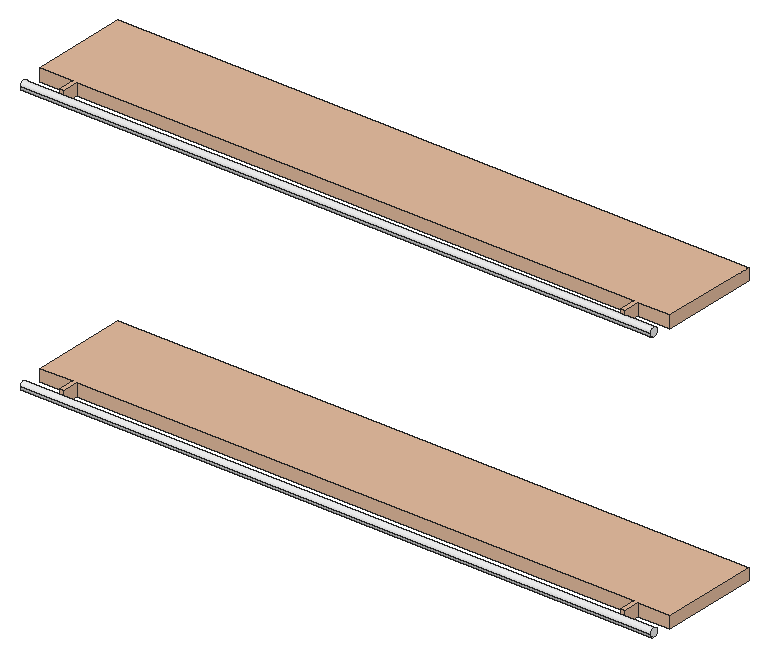
Revit family "DOUBLE_POLE_AND_SHELF", category Furniture, Revit 2019
Family settings
  Work Plane-Based = No
  Always vertical = Yes
  Cut with Voids When Loaded = No
  Shared = No
  Room Calculation Point = No
Parameters
  WIDHT = 6' - 5 5/16"
  M_WD_SHELF = M_WD_SHELF
  M_DOUBLE_POLE = M_AL_DOUBLE_POLE
  H_STANDARD_SHELF_2 = 5' - 6"
  H_STANDARD_SHELF_1 = 2' - 9"
  DEPHT = 1' - 0"
Reference planes (in)
  plane 1 "Center (Front/Back)": y = 0
  plane 2: z = 0
  plane 3 "Center (Left/Right)": x = 0
  plane 4: z = 33.75
  plane 5: z = 33
  plane 6: z = 66.75
  plane 7: z = 66
Forms (in)
  Extrusion 1, solid, material "M_WD_SHELF" <- "M_WD_SHELF"
    sketch origin (-11, 0, 12) x (1, 0, 0) y (0, 1, 0)
      loop
        line (-27.65625, 6) -> (-27.65625, -6) -> (-23.65625, -6) -> (-23.65625, -8) -> (-23.15625, -8) -> (-23.15625, -6) -> (45.15625, -6) -> (45.15625, -8) -> (45.65625, -8) -> (45.65625, -6) -> (49.65625, -6) -> (49.65625, 6) -> (-27.65625, 6)
    from 22.5 to 21
  Extrusion 2, solid, material "M_AL_DOUBLE_POLE" <- "M_DOUBLE_POLE"
    sketch origin (0, 0, 11.55664) x (0, 1, 0) y (0, 0, 1)
      loop
        circle (-8.5, 22.19336) r 0.5
    from -38.65625 to 38.65625
  Extrusion 3, solid, material "M_WD_SHELF" <- "M_WD_SHELF"
    sketch origin (-11, 0, 35) x (1, 0, 0) y (0, 1, 0)
      loop
        line (-27.65625, 6) -> (-27.65625, -6) -> (-23.65625, -6) -> (-23.65625, -8) -> (-23.15625, -8) -> (-23.15625, -6) -> (45.15625, -6) -> (45.15625, -8) -> (45.65625, -8) -> (45.65625, -6) -> (49.65625, -6) -> (49.65625, 6) -> (-27.65625, 6)
    from 32.5 to 31
  Extrusion 4, solid, material "M_AL_DOUBLE_POLE" <- "M_DOUBLE_POLE"
    sketch origin (0, 0, 44.55664) x (0, 1, 0) y (0, 0, 1)
      loop
        circle (-8.5, 22.19336) r 0.5
    from -38.65625 to 38.65625
Dimensions and locks (in)
  equal spacing: Extrusion 1 sketch curve, plane 1 "Center (Front/Back)", Extrusion 1 sketch curve
  "DEPHT": Extrusion 1 sketch curve to Extrusion 1 sketch curve
  locked: Extrusion 1 to Extrusion 1 at 1.5
  "WIDHT": Extrusion 1 sketch curve to Extrusion 1 sketch curve
  equal spacing: Extrusion 1 sketch curve, plane 3 "Center (Left/Right)", Extrusion 1 sketch curve
  locked: Extrusion 1 to Extrusion 2 sketch curve at 2.5
  equal spacing: Extrusion 2, plane 3 "Center (Left/Right)", Extrusion 2
  "WIDHT": Extrusion 2 to Extrusion 2
  locked: plane 4 to plane 5 at 0.75
  "H_STANDARD_SHELF_1": plane 5 to plane 2
  locked: Extrusion 3 to Extrusion 3 at 1.5
  "WIDHT": Extrusion 3 sketch curve to Extrusion 3 sketch curve
  equal spacing: Extrusion 3 sketch curve, plane 3 "Center (Left/Right)", Extrusion 3 sketch curve
  locked: Extrusion 3 to Extrusion 4 sketch curve at 2.5
  "WIDHT": Extrusion 4 to Extrusion 4
  locked: plane 6 to plane 7 at 0.75
  "H_STANDARD_SHELF_2": plane 7 to level
  equal spacing: Extrusion 4, plane 3 "Center (Left/Right)", Extrusion 4
  locked: Extrusion 1 to Extrusion 3 sketch curve at 4
  locked: Extrusion 3 sketch curve to Extrusion 1 at 4
  locked: Extrusion 3 sketch curve to Extrusion 3 sketch curve at 0.5  (x2)
  locked: Extrusion 3 sketch curve to Extrusion 1 at 2  (x2)
  aligned and locked: level to plane 2
  aligned and locked: plane 4 to Extrusion 2
  aligned and locked: plane 5 to Extrusion 1
  aligned and locked: plane 6 to Extrusion 4
  aligned and locked: plane 7 to Extrusion 3
  aligned and locked: Extrusion 1 to Extrusion 3  (x7)
  aligned and locked: Extrusion 3 to Extrusion 1
Automatic sketch dimensions
  Extrusion 2 sketch curve to plane 4 = 0' - 0"
  Extrusion 4 sketch curve to plane 6 = 0' - 0"
  Extrusion 1 sketch curve to Extrusion 1 sketch curve = 0' - 4"
  Extrusion 1 sketch curve to Extrusion 1 sketch curve = 0' - 0 1/2"  (x2)
  Extrusion 1 sketch curve to Extrusion 1 sketch curve = 0' - 4 1/2"
  Extrusion 1 sketch curve to Extrusion 1 sketch curve = 0' - 2"  (x3)
  Extrusion 1 sketch curve to Extrusion 1 sketch curve = 0' - 0"
  Extrusion 3 sketch curve to Extrusion 3 sketch curve = 0' - 2"  (x2)
  Extrusion 3 sketch curve to Extrusion 3 sketch curve = 0' - 0"
  Extrusion 3 sketch curve to plane 1 "Center (Front/Back)" = 0' - 6"
  radius of Extrusion 2 sketch curve = 0' - 0 1/2"
  radius of Extrusion 4 sketch curve = 0' - 0 1/2"
